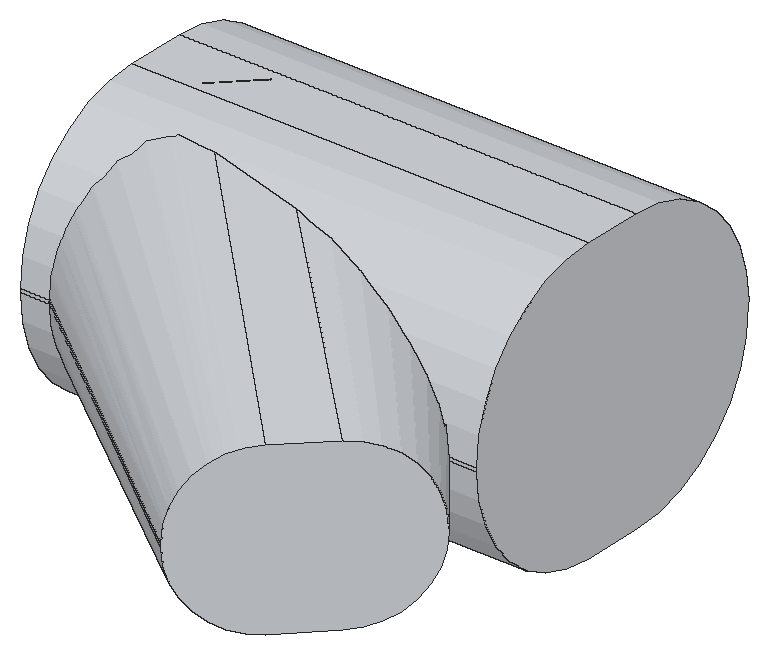
Revit family "M_T oval - Lateral - Cônico", category Conexões de duto, Revit 2019
Family settings
  Cota do conector redondo = Utilizar diâmetro
  Tipo de parte = Tê  lateral
  Número OmniClass = 23.75.70.14
  Título OmniClass = Air Ductwork
  ID de item do Seek = Oval Tee - Lateral - Conical-0000-CAN-ENU
  Com base no plano de trabalho = Não
  Sempre na vertical = Sim
  Corte com vazios quando carregada = Não
  Compartilhado = Não
Parameters (values of type "Padrão")
  Largura 2 [instance] = if(Ângulo 1 = 90.00°, 2 * Largura do duto 1, if(Ângulo 1 > 90.00°, 2 * Largura do duto 1, 12 mm))  # 12 mm
  Largura 1 [instance] = if(Ângulo 1 = 90.00°, 2 * Largura do duto 1, if(Ângulo 1 < 90.00°, 2 * Largura do duto 1, 12 mm))  # 600 mm
  Comprimento 7 [instance] = abs(Comprimento do duto 1 - Comprimento do duto 2 - 0.5 * Largura base 3 * sin(Ângulo 2)) + 12 mm  # 44.545 mm
  Comprimento 6 [instance] = if(Ângulo 1 = 90.00°, 25 mm, (50 mm / ((Largura do duto 3 + 50 mm) / (4 * tan(Ângulo 2)) + 50 mm)) * 25 mm)  # 11.111 mm
  Comprimento 5 [instance] = Comprimento do duto 3 * sin(Ângulo 1)  # 299.278 mm
  Comprimento 4 [instance] = Comprimento 1 - Comprimento do duto 3 * cos(Ângulo 1)  # 2700.722 mm
  Comprimento 3 [instance] = if(Ângulo 1 < 90.00°, (Comprimento 1 - Comprimento do duto 2 + Comprimento do duto 1), (Comprimento 1 + Comprimento do duto 2))  # 3071.419 mm
  Comprimento 2 [instance] = if(Ângulo 1 < 90.00°, (Comprimento 1 - Comprimento do duto 2), (Comprimento 1 + Comprimento do duto 2 - Comprimento do duto 1))  # 2667.865 mm
  Altura 2 [instance] = if(Ângulo 1 = 90.00°, 2 * Altura do duto 1, if(Ângulo 1 > 90.00°, 2 * Altura do duto 1, 12 mm))  # 12 mm
  Altura 1 [instance] = if(Ângulo 1 = 90.00°, 2 * Altura do duto 1, if(Ângulo 1 < 90.00°, 2 * Altura do duto 1, 12 mm))  # 500 mm
  Largura do duto 3 [instance] = 200 mm
  Largura do duto 1 [instance] = 300 mm
  Comprimento 1 [instance] = 3000 mm
  Comprimento do duto 3 [instance] = if(Ângulo 1 = 90.00°, (0.5 * Largura do duto 1 / sin(Ângulo 2) + 100 mm), (0.5 * Largura do duto 1 / sin(Ângulo 2) + (0.5 * Largura do duto 3 + Comprimento 6) / tan(Ângulo 2) + 100 mm))  # 423.243 mm
  Comprimento do duto 2 [instance] = if(Ângulo 1 = 90.00°, ((0.5 * Largura do duto 3 + Comprimento 6) / sin(Ângulo 2) + 25 mm), (0.5 * Largura do duto 1 / tan(Ângulo 2) + (0.5 * Largura do duto 3 + Comprimento 6) / sin(Ângulo 2) + 25 mm))  # 332.135 mm
  Comprimento do duto 1 [instance] = (Largura do duto 3 + 50 mm) / sin(Ângulo 2) + 50 mm  # 403.553 mm
  Altura do duto 3 [instance] = 150 mm
  Altura do duto 1 [instance] = 250 mm
  Largura base 3 [instance] = Comprimento do duto 3 * tan(Ângulo 3) * 2 + Largura do duto 3  # 294.054 mm
  Altura base 3 [instance] = Altura do duto 1  # 250 mm
  Ângulo 3 [instance] = atan(Comprimento 6 / 100 mm)  # 6.34019°
  Ângulo 2 [instance] = if(Ângulo 1 < 90.00°, Ângulo 1, (180.00° - Ângulo 1))  # 45.00°
  Ângulo 1 [instance] = 45.00°
Reference planes
  plane 1 "Centro (Frente/Trás)": y = 0
  plane 2: z = 0
  plane 3 "Centro (Esquerda/Direita)": x = 0
  plane 4: x = -71.419
  plane 5: x = 332.135
  plane 6: y = -299.278
  plane 7: x = 3000
  plane 8: x = 299.278
  plane 9: x = -115.964
  plane 10: x = 376.68
Forms (mm)
  Sweep 1, solid, detail levels medium+fine
    path in 3D
      loop
        line (-71.419, 0, 0) -> (332.135, 0, 0)
    profile "M_Duto - Oval : Duto - Oval 1" origin (130.358, 0, 0) x (0, 1, 0) y (0, 0, 1)
      loop
        line (-150, 1.588) -> (-150, -1.588)
        arc (-150, -1.588) -> (-113.853, -88.853) -> (-26.587, -125) r 123.413
        line (-26.587, -125) -> (26.588, -125)
        arc (26.588, -125) -> (113.853, -88.853) -> (150, -1.587) r 123.413
        line (150, -1.587) -> (150, 1.587)
        arc (150, 1.587) -> (113.853, 88.853) -> (26.588, 125) r 123.413
        line (26.588, 125) -> (-26.587, 125)
        arc (-26.587, 125) -> (-113.853, 88.853) -> (-150, 1.588) r 123.413
  SweptBlend 2, solid, detail levels medium+fine
    path in 3D
      loop
        line (0, 0, 0) -> (299.278, -299.278, 0)
    profile "M_Duto - Oval : Duto - Base" origin (0, 0, 0) x (0.707107, 0.707107, 0) y (0, 0, 1)
      loop
        line (-147.027, 1.588) -> (-147.027, -1.588)
        arc (-147.027, -1.588) -> (-110.88, -88.853) -> (-23.615, -125) r 123.413
        line (-23.615, -125) -> (23.615, -125)
        arc (23.615, -125) -> (110.88, -88.853) -> (147.027, -1.587) r 123.413
        line (147.027, -1.587) -> (147.027, 1.587)
        arc (147.027, 1.587) -> (110.88, 88.853) -> (23.615, 125) r 123.413
        line (23.615, 125) -> (-23.615, 125)
        arc (-23.615, 125) -> (-110.88, 88.853) -> (-147.027, 1.588) r 123.413
    end profile "M_Duto - Oval : Duto - Oval 3" origin (299.278, -299.278, 0) x (0.707107, 0.707107, 0) y (0, 0, 1)
      loop
        line (-100, 1.588) -> (-100, -1.587)
        arc (-100, -1.587) -> (-78.498, -53.498) -> (-26.587, -75) r 73.413
        line (-26.587, -75) -> (26.588, -75)
        arc (26.588, -75) -> (78.498, -53.498) -> (100, -1.587) r 73.413
        line (100, -1.587) -> (100, 1.587)
        arc (100, 1.587) -> (78.498, 53.498) -> (26.588, 75) r 73.413
        line (26.588, 75) -> (-26.587, 75)
        arc (-26.587, 75) -> (-78.498, 53.498) -> (-100, 1.588) r 73.413
  Sweep 3, void
    path in 3D
      loop
        line (-115.964, 0, 0) -> (-71.419, 0, 0)
    profile "M_Duto - Oval : Duto - Oval 4" origin (-93.691, 0, 0) x (0, 1, 0) y (0, 0, 1)
      loop
        line (-300, 1.588) -> (-300, -1.588)
        arc (-300, -1.588) -> (-227.242, -177.242) -> (-51.587, -250) r 248.412
        line (-51.587, -250) -> (51.588, -250)
        arc (51.588, -250) -> (227.242, -177.242) -> (300, -1.587) r 248.412
        line (300, -1.587) -> (300, 1.587)
        arc (300, 1.587) -> (227.242, 177.242) -> (51.588, 250) r 248.412
        line (51.588, 250) -> (-51.587, 250)
        arc (-51.587, 250) -> (-227.242, 177.242) -> (-300, 1.588) r 248.412
  Sweep 4, void
    path in 3D
      loop
        line (332.135, 0, 0) -> (376.68, 0, 0)
    profile "M_Duto - Oval : Duto - Oval 5" origin (354.407, 0, 0) x (0, 1, 0) y (0, 0, 1)
      loop
        line (-6, 1.588) -> (-6, -1.587)
        arc (-6, -1.587) -> (-4.708, -4.708) -> (-1.587, -6) r 4.412
        line (-1.587, -6) -> (1.588, -6)
        arc (1.588, -6) -> (4.708, -4.708) -> (6, -1.587) r 4.412
        line (6, -1.587) -> (6, 1.588)
        arc (6, 1.588) -> (4.708, 4.708) -> (1.588, 6) r 4.412
        line (1.588, 6) -> (-1.587, 6)
        arc (-1.587, 6) -> (-4.708, 4.708) -> (-6, 1.588) r 4.412
Cuts and joins
  Sweep 3, Sweep 4 cuts Sweep 1
  Sweep 3, Sweep 4 cuts SweptBlend 2
Lines and regions (mm)
  model lines, detail levels coarse
    curve 1: line (-71.419, 0, 0) -> (332.135, 0, 0)
    curve 3: line (0, 0, 0) -> (299.278, -299.278, 0)
  sketch lines
    curve 2: line (-71.419, 0, 0) -> (332.135, 0, 0)
    curve 6: line (0, 0, 0) -> (299.278, -299.278, 0)
    curve 7: line (-115.964, 0, 0) -> (-71.419, 0, 0)
    curve 8: line (332.135, 0, 0) -> (376.68, 0, 0)
  model lines, not visible
    curve 4: line (-115.964, 0, 0) -> (-71.419, 0, 0)
    curve 5: line (332.135, 0, 0) -> (376.68, 0, 0)
Dimensions and locks
  "Comprimento 1": plane 3 "Centro (Esquerda/Direita)" to plane 7
  "Comprimento 3": plane 4 to plane 7
  "Comprimento 2": plane 5 to plane 7
  "Comprimento 5": plane 6 to plane 1 "Centro (Frente/Trás)"
  "Comprimento 4": plane 8 to plane 7
  "Comprimento 7": plane 9 to plane 4
  "Comprimento 7": plane 5 to plane 10
  aligned and locked: plane 1 "Centro (Frente/Trás)" to curve 1
  aligned and locked: plane 3 "Centro (Esquerda/Direita)" to curve 3
  aligned and locked: plane 1 "Centro (Frente/Trás)" to curve 3
  aligned and locked: plane 6 to curve 3
  aligned and locked: plane 8 to curve 3
  aligned and locked: plane 1 "Centro (Frente/Trás)" to curve 4
  aligned and locked: plane 4 to curve 4
  aligned and locked: plane 5 to curve 5
  aligned and locked: plane 9 to curve 4
  aligned and locked: plane 10 to curve 5
Connectors
  hvac at (-71.419, 0, 0), driven by "Altura do duto 1", driven by "Largura do duto 1"
    settings: on cut or joined group of Sweep 1, Sweep 3, Sweep 4, index 1, duct flow 0.0 L/s, flow factor 0, pres drop 0.0 Pa, loss coef 0, conn angle 0.00°, conn width 300 mm, conn height 250 mm, conn diameter 609.6 mm, duct sys type 28, conn prof type 2, flow config 0, flow direction 0, loss method 0, conn ref index 2, conn util no, is conn primary yes, conn desc ""
  hvac at (332.135, 0, 0), driven by "Altura do duto 1", driven by "Largura do duto 1"
    settings: on cut or joined group of Sweep 1, Sweep 3, Sweep 4, index 2, duct flow 0.0 L/s, flow factor 0, pres drop 0.0 Pa, loss coef 0, conn angle 0.00°, conn width 300 mm, conn height 250 mm, conn diameter 609.6 mm, duct sys type 28, conn prof type 2, flow config 0, flow direction 0, loss method 0, conn ref index 1, conn util no, is conn primary no, conn desc ""
  hvac at (299.278, -299.278, 0), driven by "Altura do duto 3", driven by "Largura do duto 3", driven by "Ângulo 1"
    settings: on cut or joined group of SweptBlend 2, Sweep 3, Sweep 4, index 3, duct flow 0.0 L/s, flow factor 0, pres drop 0.0 Pa, loss coef 0, conn angle 45.00°, conn width 200 mm, conn height 150 mm, conn diameter 609.6 mm, duct sys type 28, conn prof type 2, flow config 0, flow direction 0, loss method 0, conn ref index -1, conn util no, is conn primary no, conn desc ""
